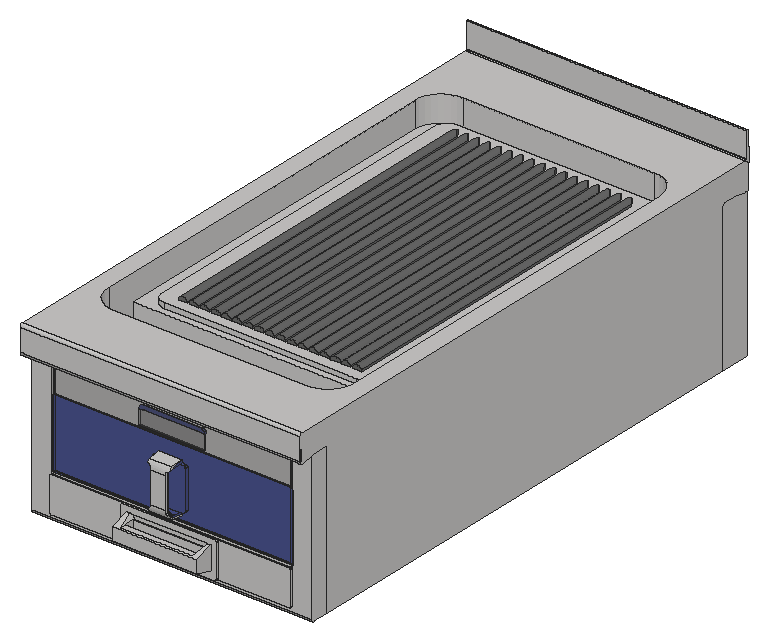
Revit family "QF_ELECTROLUXPROFESSIONAL_588065_MAHNABDOAO", category Specialty Equipment, Revit 2018
Family settings
  Round Connector Dimension = Use Diameter
  Part Type = Normal
  Work Plane-Based = No
  Always vertical = Yes
  Cut with Voids When Loaded = No
  Shared = No
  Room Calculation Point = No
Parameters
  Weight in Pounds = 152.1  # constant formula
  Watts = 5100 VA  # 5100 W
  Volts = 400 V  # constant formula
  URL Cutsheet = ""
  Type Mark [instance] = ""
  Status [instance] = ""
  Specification by User [instance] = ""
  Specification by Manufacturer = ""
  Show Clearance [instance] = yes
  Serial Number = ""
  Seismic Rating = ""
  SMACNA No = ""
  Revision Code [instance] = ""
  Phase = 3  # constant formula
  Omniclass Number and Title = ""
  Number of Poles [instance] = 1
  NAFEM Spec ID Number = ""
  Model = "588065"
  Min Ckt Ampacity = 0 A
  Max Overcurrent Protection = 0 A
  Masterspec = ""
  Manufacturer = "ELECTROLUX"
  Item Number [instance] = ""
  Installed By [instance] = ""
  Identify Quantity as Lot [instance] = yes
  HP = "6.8 HP"
  Furnished By [instance] = ""
  Foodservice Equipment Identifier [instance] = yes
  FL Amps [instance] = if(Phase = 3, Watts / (Volts * 1.73), Watts / Volts)  # 7.36994 A
  Electrical Remarks = "400 V/3N ph/50/60 Hz"  # constant formula
  Electric Connection Type [instance] = ""
  Elec Conn RI Height [instance] = 0 mm
  Elec Conn Connection Height [instance] = 0 mm
  Direct Waste Size = 0"
  Description = "EL.FRYTOP,RIBBED PL,1S,BSPL,400X800X250"
  Cycle [instance] = if([60 Hertz Option], 60 Hz, 50 Hz)  # 60 Hz
  Conn Plug = ""
  Conn Conduit = yes
  CSI MasterFormat = ""
  CSI Master Format = ""
  Apparent Power [instance] = if(Phase = 3, Volts * FL Amps * 1.73, Volts * FL Amps)  # 5100 VA
  60 Hertz Option [instance] = not([50 Hertz Option])  # yes
  50 Hertz Option [instance] = no
Reference planes
  plane 1 "BACK": y = -100
  plane 2: z = 0
  plane 3 "LEFT": x = 0
  plane 4 "RIGHT": x = 400
  plane 5 "FRONT": y = -900
  plane 6 "TOP": z = 250
  plane 7: x = 200
  plane 8: y = -500
  plane 9: y = -1330
Forms (mm)
  Extrusion 1, solid, material "QF_Finishes_Stainless Steel"
    sketch origin (0, -487.128, 0) x (0, 1, 0) y (0, 0, 1)
      loop
        line (383.128, 250) -> (-408.872, 250)
        arc (-408.872, 250) -> (-411.7, 248.828) -> (-412.872, 246) r 4
        line (-412.872, 246) -> (-412.872, 214)
        arc (-412.872, 214) -> (-411.443, 210.936) -> (-408.177, 210.061) r 4
        line (-408.177, 210.061) -> (-391.509, 213) -> (-366.872, 213) -> (-366.872, 0) -> (341.128, 0) -> (341.128, 213) -> (365.765, 213) -> (382.433, 210.061)
        arc (382.433, 210.061) -> (385.699, 210.936) -> (387.128, 214) r 4
        line (387.128, 214) -> (387.128, 246)
        arc (387.128, 246) -> (385.956, 248.828) -> (383.128, 250) r 4
    from 0 to 400
  Extrusion 2, void
    sketch origin (653.786, -55.952, 250) x (1, 0, 0) y (0, -1, 0)
      loop
        line (-590.636, 133.048) -> (-316.936, 133.048)
        arc (-316.936, 133.048) -> (-289.96, 144.222) -> (-278.786, 171.198) r 38.15
        line (-278.786, 171.198) -> (-278.786, 716.572)
        arc (-278.786, 716.572) -> (-290.056, 743.779) -> (-317.263, 755.048) r 38.476
        line (-317.263, 755.048) -> (-591.786, 755.048)
        arc (-591.786, 755.048) -> (-617.949, 744.211) -> (-628.786, 718.048) r 37
        line (-628.786, 718.048) -> (-628.786, 171.198)
        arc (-628.786, 171.198) -> (-617.613, 144.222) -> (-590.636, 133.048) r 38.15
    from 0 to 37
  Extrusion 3, void
    sketch origin (1307.573, -7.904, 213) x (0, 1, 0) y (1, 0, 0)
      loop
        line (-721.846, -932.573) -> (-764.62, -932.573)
        arc (-764.62, -932.573) -> (-791.827, -943.842) -> (-803.096, -971.049) r 38.476
        line (-803.096, -971.049) -> (-803.096, -1245.573)
        arc (-803.096, -1245.573) -> (-792.259, -1271.736) -> (-766.096, -1282.573) r 37
        line (-766.096, -1282.573) -> (-721.846, -1282.573) -> (-721.846, -932.573)
    from 0 to 25.6
  Extrusion 4, void
    sketch origin (1307.573, -7.904, 187.4) x (-1, 0, 0) y (0, 1, 0)
      loop
        circle (1212.573, -762.096) r 22.248
    from 0 to 92
  Extrusion 5, solid, material "QF_Finishes_Stainless Steel"
    sketch origin (0, -854, 0) x (1, 0, 0) y (0, -1, 0)
      loop
        circle (355, -169) r 6.35
    from 0 to 3.2
  Extrusion 6, solid, material "QF_Door-Drawer Clearances", visible <- "Show Clearance", detail levels coarse
    sketch origin (237.31, -881.593, 8.62) x (0, 0, 1) y (-1, 0, 0)
      loop
        line (1.973, -134.295) -> (49.317, -134.295)
        arc (49.317, -134.295) -> (50.776, -133.691) -> (51.38, -132.232) r 2.063
        line (51.38, -132.232) -> (51.38, 206.852)
        arc (51.38, 206.852) -> (50.88, 208.549) -> (49.541, 209.705) r 3.133
        line (49.541, 209.705) -> (3.067, 209.705)
        arc (3.067, 209.705) -> (0.898, 208.807) -> (0, 206.638) r 3.067
        line (0, 206.638) -> (0, -132.322)
        arc (0, -132.322) -> (0.578, -133.717) -> (1.973, -134.295) r 1.973
    from 0 to 448.407
  Extrusion 7, solid, material "QF_Finishes_Stainless Steel"
    sketch origin (0, 0, 0) x (0, 1, 0) y (0, 0, 1)
      loop
        line (-102.951, 2) -> (-102.951, 210.133)
        arc (-102.951, 210.133) -> (-103.795, 210.009) -> (-104.646, 210.066) r 4
        line (-104.646, 210.066) -> (-121.287, 213) -> (-145, 213) -> (-145, 0) -> (-104.951, 0)
        arc (-104.951, 0) -> (-103.537, 0.586) -> (-102.951, 2) r 2
      loop
        arc (-101.951, 252.006) -> (-102.537, 250.592) -> (-103.951, 250.006) r 2
        arc (-103.951, 250.006) -> (-101.172, 248.828) -> (-100, 246) r 4
        line (-100, 246) -> (-100, 288.006) -> (-101.951, 288.006) -> (-101.951, 252.006)
    from 400 to 0
Cuts and joins
  Extrusion 2, Extrusion 3, Extrusion 4 cuts Extrusion 1
Lines and regions (mm)
  symbolic lines
    curve 1: line (183.666, -902.326, 0) -> (183.666, -900, 0)
    curve 2: spline (189.334, -903.73, 0) -> (188.856, -903.657, 0) -> (188.378, -903.575, 0) -> (187.901, -903.486, 0) -> (187.425, -903.389, 0) -> (186.95, -903.283, 0) -> (186.476, -903.17, 0) -> (186.004, -903.049, 0) -> (185.533, -902.92, 0) -> (185.064, -902.783, 0) -> (184.596, -902.638, 0) -> (184.13, -902.486, 0) -> (183.666, -902.326, 0)
    curve 3: line (215.881, -902.326, 0) -> (215.881, -900, 0)
    curve 4: spline (215.881, -902.326, 0) -> (215.417, -902.486, 0) -> (214.951, -902.638, 0) -> (214.483, -902.783, 0) -> (214.014, -902.92, 0) -> (213.543, -903.049, 0) -> (213.071, -903.17, 0) -> (212.597, -903.283, 0) -> (212.122, -903.389, 0) -> (211.646, -903.486, 0) -> (211.169, -903.575, 0) -> (210.691, -903.657, 0) -> (210.213, -903.73, 0)
    curve 5: line (189.334, -903.73, 0) -> (210.213, -903.73, 0)
    curve 6: line (25, -774, 0) -> (25, -227.15, 0)
    curve 7: arc (25, -227.15, 0) -> (36.174, -200.174, 0) -> (63.15, -189, 0) r 38.15
    curve 8: line (63.15, -189, 0) -> (336.85, -189, 0)
    curve 9: arc (336.85, -189, 0) -> (363.826, -200.174, 0) -> (375, -227.15, 0) r 38.15
    curve 10: line (375, -227.15, 0) -> (375, -772.524, 0)
    curve 11: arc (375, -772.524, 0) -> (363.731, -799.731, 0) -> (336.524, -811, 0) r 38.476
    curve 12: line (336.524, -811, 0) -> (62, -811, 0)
    curve 13: arc (62, -811, 0) -> (35.837, -800.163, 0) -> (25, -774, 0) r 37
    curve 14: line (375, -729.75, 0) -> (25, -729.75, 0)
    curve 15: circle (95, -770, 0) r 22.248 normal (0, 0, -1)
    curve 16: line (0, -100, 0) -> (400, -100, 0)
    curve 17: line (0, -900, 0) -> (0, -100, 0)
    curve 18: line (400, -900, 0) -> (0, -900, 0)
    curve 19: line (400, -100, 0) -> (400, -900, 0)
    curve 20: line (147.608, -908.767, 0) -> (250.042, -908.767, 0)
    curve 21: line (250.042, -908.767, 0) -> (251.588, -900, 0)
    curve 22: line (147.608, -908.767, 0) -> (146.062, -900, 0)
  symbolic lines, style "QF_Door-Drawer Clearances"
    curve 23: line (27.605, -1330, 0) -> (27.605, -900, 0)
    curve 24: line (27.605, -1330, 0) -> (371.605, -1330, 0)
    curve 25: line (371.605, -1330, 0) -> (371.605, -900, 0)
  symbolic lines, style "SpecialityEquipment"
    curve 26: arc (355, -217.313, 0) -> (349.684, -204.479, 0) -> (336.85, -199.163, 0) r 18.15
    curve 27: line (336.85, -199.163, 0) -> (63.15, -199.163, 0)
    curve 28: arc (63.15, -199.163, 0) -> (50.316, -204.479, 0) -> (45, -217.313, 0) r 18.15
    curve 29: line (45, -217.313, 0) -> (45, -701.437, 0)
    curve 30: arc (45, -701.437, 0) -> (50.316, -714.271, 0) -> (63.15, -719.587, 0) r 18.15
    curve 31: line (63.15, -719.587, 0) -> (336.85, -719.587, 0)
    curve 32: arc (336.85, -719.587, 0) -> (349.684, -714.271, 0) -> (355, -701.437, 0) r 18.15
    curve 33: line (355, -701.437, 0) -> (355, -217.313, 0)
Dimensions and locks
  plane 3 "LEFT" to plane 4 "RIGHT" = 400 mm
  plane 5 "FRONT" to plane 1 "BACK" = 800 mm
  equal spacing: plane 3 "LEFT", plane 7, plane 4 "RIGHT"
  equal spacing: plane 5 "FRONT", plane 8, plane 1 "BACK"
  plane 6 "TOP" to level = 250 mm  (x2)
  plane 1 "BACK" to plane 5 "FRONT" = 800 mm
  Extrusion 5 sketch curve to plane 1 "BACK" = 585 mm
  Extrusion 5 sketch curve to plane 4 "RIGHT" = 45 mm
  plane 5 "FRONT" to plane 9 = 430 mm
  Extrusion 7 to plane 6 "TOP" = 38.006 mm
  Extrusion 7 to level = 288.006 mm
  plane 1 "BACK" to Extrusion 5 = 585 mm
  aligned and locked: level to plane 2
  aligned and locked: plane 7 to nested 1
  aligned and locked: Extrusion 6 to plane 9
  aligned and locked: Extrusion 7 to plane 4 "RIGHT"
Automatic sketch dimensions
  Extrusion 1 to Extrusion 2 sketch curve = 85 mm  (x2)
  Extrusion 1 to Extrusion 2 sketch curve = 122 mm
  Extrusion 1 to Extrusion 2 sketch curve = 25 mm
  Extrusion 2 sketch curve to Extrusion 2 sketch curve = 38.15 mm  (x2)
  Extrusion 1 to Extrusion 2 sketch curve = 123.476 mm
  Extrusion 2 sketch curve to Extrusion 2 sketch curve = 274.524 mm
  Extrusion 1 sketch curve to plane 5 "FRONT" = 0 mm
  Extrusion 1 sketch curve to plane 6 "TOP" = 0 mm
  Extrusion 1 sketch curve to level = 0 mm
  Extrusion 1 sketch curve to plane 1 "BACK" = 0 mm
  Extrusion 1 sketch curve to plane 6 "TOP" = 37 mm  (x2)
  Extrusion 1 sketch curve to plane 5 "FRONT" = 4 mm
  Extrusion 1 sketch curve to plane 5 "FRONT" = 21.363 mm
  Extrusion 1 sketch curve to plane 5 "FRONT" = 46 mm
  plane 1 "BACK" to Extrusion 1 sketch curve = 21.363 mm
  plane 1 "BACK" to Extrusion 1 sketch curve = 4 mm  (x2)
  Extrusion 1 sketch curve to Extrusion 1 sketch curve = 4 mm
  Extrusion 1 sketch curve to Extrusion 1 sketch curve = 0.695 mm
  Extrusion 1 sketch curve to Extrusion 1 sketch curve = 0 mm  (x4)
  plane 1 "BACK" to Extrusion 1 sketch curve = 4.695 mm
  Extrusion 1 sketch curve to Extrusion 1 sketch curve = 1 mm  (x2)
  plane 1 "BACK" to Extrusion 1 sketch curve = 46 mm
  Extrusion 3 sketch curve to Extrusion 2 = 81.25 mm
  Extrusion 2 to Extrusion 3 sketch curve = 0 mm  (x2)
  Extrusion 3 sketch curve to Extrusion 3 sketch curve = 37 mm
  Extrusion 3 sketch curve to Extrusion 3 sketch curve = 274.524 mm
  Extrusion 3 sketch curve to Extrusion 2 = 38.476 mm
  Extrusion 4 sketch curve to Extrusion 3 = 41 mm
  Extrusion 4 sketch curve to Extrusion 3 = 70 mm
  Extrusion 6 sketch curve to nested 1 = 1.973 mm
  Extrusion 6 sketch curve to nested 1 = 2.853 mm
  Extrusion 6 sketch curve to nested 1 = 1.839 mm
  plane 1 "BACK" to curve 16 = 0 mm
  curve 16 to plane 4 "RIGHT" = 0 mm
  curve 23 to plane 9 = 0 mm
  curve 17 to plane 3 "LEFT" = 0 mm
  plane 5 "FRONT" to curve 25 = 0 mm
  plane 4 "RIGHT" to curve 10 = 25 mm
  curve 10 to curve 8 = 38.15 mm
  curve 11 to curve 12 = 38.476 mm
  plane 5 "FRONT" to curve 21 = 8.767 mm
  plane 5 "FRONT" to curve 3 = 2.326 mm
  plane 7 to curve 3 = 15.881 mm
  plane 5 "FRONT" to curve 5 = 3.73 mm
  curve 3 to curve 5 = 5.669 mm
  curve 5 to curve 22 = 62.605 mm
  curve 5 to curve 20 = 41.727 mm
  plane 5 "FRONT" to curve 1 = 2.326 mm
  curve 2 to curve 1 = 5.669 mm
  plane 3 "LEFT" to curve 8 = 63.15 mm
  plane 3 "LEFT" to curve 12 = 62 mm
  plane 3 "LEFT" to curve 23 = 27.605 mm
  plane 3 "LEFT" to curve 6 = 25 mm
  plane 4 "RIGHT" to curve 25 = 28.395 mm
  plane 5 "FRONT" to curve 4 = 4.032 mm
  curve 5 to curve 4 = 4.17 mm
  curve 4 to curve 22 = 59.98 mm
  curve 4 to curve 2 = 12.538 mm
  curve 15 to curve 13 = 33 mm
  plane 1 "BACK" to curve 8 = 89 mm
  curve 10 to plane 5 "FRONT" = 127.476 mm
  curve 14 to curve 13 = 44.25 mm
  curve 15 to curve 13 = 4 mm
  curve 2 to curve 4 = 0 mm
  Extrusion 7 sketch curve to level = 0 mm
  Extrusion 7 sketch curve to plane 1 "BACK" = 0 mm  (x2)
  level to Extrusion 7 sketch curve = 2 mm
  Extrusion 7 sketch curve to plane 6 "TOP" = 0 mm
  plane 1 "BACK" to Extrusion 7 sketch curve = 1.951 mm
  plane 1 "BACK" to Extrusion 7 sketch curve = 2.951 mm
  Extrusion 7 sketch curve to Extrusion 7 sketch curve = 18.335 mm
  Extrusion 7 sketch curve to Extrusion 7 sketch curve = 40.049 mm
  Extrusion 7 sketch curve to Extrusion 7 sketch curve = 1.695 mm
  Extrusion 7 sketch curve to Extrusion 7 sketch curve = 0 mm  (x3)
  plane 1 "BACK" to Extrusion 7 sketch curve = 4 mm
  plane 1 "BACK" to Extrusion 7 sketch curve = 3.951 mm
  Extrusion 7 sketch curve to Extrusion 7 sketch curve = 2 mm
  Extrusion 7 sketch curve to Extrusion 7 sketch curve = 35.867 mm
  Extrusion 7 sketch curve to plane 6 "TOP" = 37 mm
  plane 6 "TOP" to Extrusion 7 sketch curve = 2.006 mm
  Extrusion 7 sketch curve to Extrusion 7 sketch curve = 36 mm
  Extrusion 7 sketch curve to Extrusion 7 sketch curve = 0.066 mm
  plane 4 "RIGHT" to curve 33 = 45 mm
  plane 3 "LEFT" to curve 27 = 63.15 mm
  plane 1 "BACK" to curve 27 = 99.163 mm
  curve 27 to curve 8 = 0 mm
  curve 32 to curve 31 = 18.15 mm
  curve 31 to curve 14 = 38.15 mm
  curve 28 to curve 29 = 18.15 mm
  curve 29 to curve 14 = 28.313 mm
  plane 7 to curve 20 = 50.042 mm
  curve 21 to curve 20 = 1.546 mm
  radius of Extrusion 4 sketch curve = 22.248 mm
  radius of Extrusion 5 sketch curve = 6.35 mm
  radius of Extrusion 6 sketch curve to nested 1 = 0 mm  (x2)
  radius of curve 15 = 22.248 mm
Nested families
  nested 1: "EG_800_400 Front Panel with Center Grease Trap" at (202.376, -854, -650), type "EG_800_400 Front Panel with Center Grease Trap"
  nested 2: "EG_800_400 mm Full Grate" at (200, -509.375, -675), type "EG_800_400 mm Full Grate"
Connectors
  electrical at (355, -685, -3.2), driven by "Volts", driven by "Watts"
    settings: on Extrusion 5, index 1, voltage 400 V, apparent load 5100 VA, apparent load phase1 0 VA, apparent load phase2 0 VA, apparent load phase3 0 VA, power factor 1, load classification "Other", number of poles 1, system type 30, power factor state 1, is connector primary yes, connector utility no, sub classification motor no, connector description "ELECTRICAL CONNECTION"
Definition of nested family "EG_800_400 Front Panel with Center Grease Trap"
  Reference planes
    plane 1 "Center (Front/Back)": y = 0
    plane 2: z = 0
    plane 3 "Center (Left/Right)": x = -2.376
    plane 4: x = -202.376
    plane 5: x = 197.624
  Forms (mm)
    Extrusion 1, solid
      sketch origin (833.217, 829.203, -1.25) x (0, 1, 0) y (0, 0, 1)
        loop
          arc (-854.203, 654.25) -> (-853.324, 652.129) -> (-851.203, 651.25) r 3
          line (-851.203, 651.25) -> (-829.203, 651.25) -> (-829.203, 864.25) -> (-854.203, 864.25) -> (-854.203, 654.25)
      from -1035.593 to -635.593
    Extrusion 2, void
      sketch origin (33.217, 829.203, -1.25) x (1, 0, 0) y (0, 0, 1)
        loop
          line (-207.593, 855.116) -> (-207.593, 713.116) -> (136.407, 713.116) -> (136.407, 855.116) -> (-207.593, 855.116)
      from 848.59 to 854.203
  Cuts and joins
    Extrusion 2 cuts Extrusion 1
  Dimensions and locks
    equal spacing: plane 5, plane 3 "Center (Left/Right)", plane 4
    plane 5 to plane 4 = 400 mm
    aligned and locked: cut or joined group of Extrusion 1, Extrusion 2 to plane 4
    aligned and locked: plane 5 to cut or joined group of Extrusion 1, Extrusion 2
    aligned and locked: plane 3 "Center (Left/Right)" to nested 2
    aligned and locked: cut or joined group of Extrusion 1, Extrusion 2 to nested 2
    aligned and locked: plane 3 "Center (Left/Right)" to nested 1
    aligned and locked: plane 3 "Center (Left/Right)" to nested 3
  Automatic sketch dimensions
    Extrusion 1 sketch curve to plane 1 "Center (Front/Back)" = 0 mm
    plane 1 "Center (Front/Back)" to Extrusion 1 sketch curve = 22 mm
    Extrusion 1 sketch curve to Extrusion 1 sketch curve = 3 mm
    level to Extrusion 1 sketch curve = 650 mm
    Extrusion 1 sketch curve to Extrusion 1 sketch curve = 210 mm
    plane 4 to Extrusion 2 sketch curve = 28 mm
    Extrusion 2 sketch curve to plane 5 = 28 mm
    level to Extrusion 2 sketch curve = 711.866 mm
    Extrusion 2 sketch curve to Extrusion 2 sketch curve = 142 mm
  Nested families
    nested 1: "Range Control Handle" at (-2.376, -28.137, -209.113) x (-1, 0, 0) z (0, 0, 1), type "Range Control Handle"
    nested 2: "glass conrol panel" at (-2.376, 280.644, 2.752), type "glass conrol panel"
    nested 3: "grease trap door" at (65.223, -25, 0.608) x (-1, 0, 0) z (0, 0, 1), type "grease trap door"
  Definition of nested family "Range Control Handle"
    Reference planes
      plane 1 "Center (Front/Back)": y = 0
      plane 2: z = 0
      plane 3 "Center (Left/Right)": x = 0
      plane 4: z = 971.092
    Forms (mm)
      Extrusion 1, solid
        sketch origin (-746.28, 380.497, 208.931) x (-1, 0, 0) y (0, 0, 1)
          loop
            line (-770.101, 786.798) -> (-770.101, 731.649)
            arc (-770.101, 731.649) -> (-769.759, 730.563) -> (-768.855, 729.87) r 1.893
            line (-768.855, 729.87) -> (-763.474, 727.911) -> (-729.81, 727.911) -> (-724.428, 729.87)
            arc (-724.428, 729.87) -> (-723.525, 730.563) -> (-723.183, 731.649) r 1.893
            line (-723.183, 731.649) -> (-723.183, 786.798)
            arc (-723.183, 786.798) -> (-723.529, 787.894) -> (-724.44, 788.593) r 1.91
            line (-724.44, 788.593) -> (-729.683, 790.819) -> (-763.601, 790.819) -> (-768.844, 788.593)
            arc (-768.844, 788.593) -> (-769.755, 787.894) -> (-770.101, 786.798) r 1.91
        from -382.35 to -378.852
      Sweep 2, solid
        path origin (-746.788, 380.496, 208.091) x (0, -1, 0) y (0, 0, 1)
          loop
            line (379.775, 793.281) -> (395.661, 791.048)
            arc (395.661, 791.048) -> (397.781, 787.377) -> (398.517, 783.202) r 12.207
            line (398.517, 783.202) -> (398.517, 737.368)
            arc (398.517, 737.368) -> (397.781, 733.193) -> (395.661, 729.522) r 12.207
            line (395.661, 729.522) -> (379.775, 727.289)
        profile origin (-746.788, -7.222, 1000.256) x (0, -0.139173, 0.990268) y (-1, 0, 0)
          loop
            line (0.782, -763.123) -> (0.782, -730.907) -> (-1.322, -730.907) -> (-1.322, -763.123) -> (0.782, -763.123)
      Sweep 3, solid
        path origin (-746.788, 380.715, 207.832) x (0, -1, 0) y (0, 0, 1)
          loop
            line (380.478, 795.442) -> (397.218, 793.09)
            arc (397.218, 793.09) -> (399.929, 788.473) -> (400.871, 783.202) r 15.207
            line (400.871, 783.202) -> (400.871, 737.584)
            arc (400.871, 737.584) -> (399.914, 732.274) -> (397.164, 727.633) r 15.207
            line (397.164, 727.633) -> (380.601, 725.305)
        profile origin (-746.788, -8.132, 1002.099) x (0, -0.139173, 0.990268) y (-1, 0, 0)
          loop
            line (0.782, -763.123) -> (0.782, -730.907) -> (-1.322, -730.907) -> (-1.322, -763.123) -> (0.782, -763.123)
      Extrusion 4, void
        sketch origin (889.253, 220.666, 207.993) x (1, 0, 0) y (0, 0, 1)
          loop
            line (-943.038, 816.854) -> (-943.038, 703.686) -> (-899.466, 734.196) -> (-899.466, 786.344) -> (-943.038, 816.854)
        from 230.636 to 242.25
      Extrusion 5, void
        sketch origin (-888.8, 220.666, 207.993) x (-1, 0, 0) y (0, 0, -1)
          loop
            line (-943.038, -816.854) -> (-899.466, -786.344) -> (-899.466, -734.196) -> (-943.038, -703.686) -> (-943.038, -816.854)
        from 230.636 to 242.25
      Extrusion 6, solid
        sketch origin (0, 0, 0) x (1, 0, 0) y (0, 0, 1)
          loop
            circle (0, 971.092) r 7.736
        from -3.137 to -1.645
    Cuts and joins
      Extrusion 4, Extrusion 5 cuts Sweep 3
      Extrusion 4, Extrusion 5 cuts Sweep 2
      joined: Extrusion 1, Extrusion 6
    Lines and regions (mm)
      symbolic lines
        curve 1: line (23.821, 1.645, 0) -> (-23.097, 1.645, 0)
        curve 2: line (16.334, -1.853, 0) -> (23.821, -1.853, 0)
        curve 3: line (-15.881, -19.189, 0) -> (-15.881, -1.853, 0)
        curve 4: line (-23.097, -1.853, 0) -> (-15.881, -1.853, 0)
        curve 5: line (16.334, -19.189, 0) -> (16.334, -1.853, 0)
        curve 6: spline (-15.881, -19.189, 0) -> (-15.417, -19.349, 0) -> (-14.951, -19.501, 0) -> (-14.483, -19.646, 0) -> (-14.014, -19.783, 0) -> (-13.543, -19.912, 0) -> (-13.071, -20.033, 0) -> (-12.597, -20.146, 0) -> (-12.122, -20.251, 0) -> (-11.646, -20.349, 0) -> (-11.169, -20.438, 0) -> (-10.691, -20.52, 0) -> (-10.213, -20.593, 0)
        curve 7: spline (10.666, -20.593, 0) -> (11.144, -20.52, 0) -> (11.622, -20.438, 0) -> (12.099, -20.349, 0) -> (12.575, -20.251, 0) -> (13.05, -20.146, 0) -> (13.524, -20.033, 0) -> (13.996, -19.912, 0) -> (14.467, -19.783, 0) -> (14.936, -19.646, 0) -> (15.404, -19.501, 0) -> (15.87, -19.349, 0) -> (16.334, -19.189, 0)
        curve 8: line (-10.213, -20.938, 0) -> (10.716, -20.938, 0)
        curve 9: line (-23.097, 1.645, 0) -> (-23.097, -1.853, 0)
        curve 10: line (23.821, 1.645, 0) -> (23.821, -1.853, 0)
  Definition of nested family "glass conrol panel"
    Reference planes
      plane 1 "Center (Front/Back)": y = 0
      plane 2: z = 0
      plane 3 "Center (Left/Right)": x = 0
    Forms (mm)
      Extrusion 1, solid
        sketch origin (378.286, 0, 0.617) x (1, 0, 0) y (0, 0, 1)
          loop
            line (-550.286, 806.791) -> (-550.286, 708.497) -> (-206.286, 708.497) -> (-206.286, 806.791) -> (-550.286, 806.791)
        from 300.031 to 304.8
      Extrusion 2, solid
        sketch origin (378.286, 0, 0.617) x (1, 0, 0) y (0, 0, 1)
          loop
            line (-550.286, 850.497) -> (-550.286, 806.791) -> (-206.286, 806.791) -> (-206.286, 850.497) -> (-550.286, 850.497)
        from 300.031 to 304.8
      Extrusion 3, void
        sketch origin (378.286, 0, 0.617) x (1, 0, 0) y (0, 0, 1)
          loop
            line (-547.628, 847.565) -> (-547.628, 710.699) -> (-209.196, 710.699) -> (-209.196, 847.565) -> (-547.628, 847.565)
        from 303.697 to 304.8
      Extrusion 4, solid
        sketch origin (-308.309, 1.101, -0.633) x (-1, 0, 0) y (0, 0, -1)
          loop
            line (-261.431, -812.62) -> (-355.186, -812.62) -> (-355.186, -834.177) -> (-350.269, -834.177) -> (-348.469, -835.977) -> (-268.039, -835.977) -> (-266.24, -834.177) -> (-261.431, -834.177) -> (-261.431, -812.62)
        from 304.798 to 306.745
      Extrusion 5, solid
        sketch origin (-308.309, 1.101, -0.633) x (-1, 0, 0) y (0, 0, -1)
          loop
            line (-350.269, -834.177) -> (-355.078, -834.177)
            arc (-355.078, -834.177) -> (-353.942, -838.747) -> (-349.686, -840.763) r 5.5
            line (-349.686, -840.763) -> (-266.98, -840.763)
            arc (-266.98, -840.763) -> (-262.706, -838.752) -> (-261.529, -834.177) r 5.549
            line (-261.529, -834.177) -> (-266.24, -834.177) -> (-268.039, -835.977) -> (-348.469, -835.977) -> (-350.269, -834.177)
        from 304.798 to 306.745
    Cuts and joins
      Extrusion 3 cuts Extrusion 1
      Extrusion 3 cuts Extrusion 2
    Dimensions and locks
      aligned and locked: Extrusion 1 to Extrusion 2
      aligned and locked: Extrusion 5 sketch curve to Extrusion 4  (x5)
      aligned and locked: Extrusion 5 to Extrusion 4
  Definition of nested family "grease trap door"
    Reference planes
      plane 1 "Center (Front/Back)": y = 0
      plane 2: z = 0
      plane 3 "Center (Left/Right)": x = 0
    Forms (mm)
      Extrusion 1, solid
        sketch origin (1627.55, 854.203, -1.25) x (1, 0, 0) y (0, 0, 1)
          loop
            arc (-1627.55, 661.235) -> (-1626.972, 659.84) -> (-1625.577, 659.262) r 1.973
            line (-1625.577, 659.262) -> (-1494.325, 659.262)
            arc (-1494.325, 659.262) -> (-1492.156, 660.16) -> (-1491.258, 662.329) r 3.067
            line (-1491.258, 662.329) -> (-1491.258, 708.803)
            arc (-1491.258, 708.803) -> (-1492.414, 710.143) -> (-1494.111, 710.642) r 3.133
            line (-1494.111, 710.642) -> (-1625.486, 710.642)
            arc (-1625.486, 710.642) -> (-1626.945, 710.038) -> (-1627.55, 708.579) r 2.063
            line (-1627.55, 708.579) -> (-1627.55, 661.235)
        from 856.795 to 859.203
      Extrusion 2, solid
        sketch origin (445.874, 2476.61, 0) x (0, 1, 0) y (0, 0, 1)
          loop
            line (-2506.377, 675.273) -> (-2481.61, 667.505) -> (-2481.61, 700.995) -> (-2506.377, 693.227) -> (-2506.377, 675.273)
        from -437.68 to -317.68
      Extrusion 3, void
        sketch origin (1627.55, 854.203, -1.25) x (1, 0, 0) y (0, 0, 1)
          loop
            line (-1614.883, 703) -> (-1610.542, 695.433) -> (-1508.17, 695.433) -> (-1503.828, 703) -> (-1614.883, 703)
          loop
            line (-1614.883, 668) -> (-1502.669, 668) -> (-1507.01, 675.567) -> (-1610.542, 675.567) -> (-1614.883, 668)
        from 832.916 to 883.97
      Extrusion 4, void
        sketch origin (447.55, 854.203, -1.25) x (1, 0, 0) y (0, 0, 1)
          loop
            line (-430.542, 695.433) -> (-430.542, 675.567) -> (-328.17, 675.567) -> (-328.17, 695.433) -> (-430.542, 695.433)
        from 859.203 to 874.202
      Extrusion 5, solid
        sketch origin (1627.55, 854.203, -1.25) x (1, 0, 0) y (0, 0, 1)
          loop
            arc (-1731.556, 661.235) -> (-1730.978, 659.84) -> (-1729.583, 659.262) r 1.973
            line (-1729.583, 659.262) -> (-1390.623, 659.262)
            arc (-1390.623, 659.262) -> (-1388.454, 660.16) -> (-1387.556, 662.329) r 3.067
            line (-1387.556, 662.329) -> (-1387.556, 708.803)
            arc (-1387.556, 708.803) -> (-1388.712, 710.143) -> (-1390.409, 710.642) r 3.133
            line (-1390.409, 710.642) -> (-1729.493, 710.642)
            arc (-1729.493, 710.642) -> (-1730.952, 710.038) -> (-1731.556, 708.579) r 2.063
            line (-1731.556, 708.579) -> (-1731.556, 661.235)
        from 854.203 to 856.795
    Cuts and joins
      Extrusion 3 cuts Extrusion 1
      Extrusion 3, Extrusion 4 cuts Extrusion 2
      joined: Extrusion 1, Extrusion 2
    Lines and regions (mm)
      symbolic lines
        curve 1: line (0, -2.593, 0) -> (136.292, -2.593, 0)
        curve 2: line (17.557, -29.767, 0) -> (12.667, -2.593, 0)
        curve 3: line (17.557, -29.767, 0) -> (119.991, -29.767, 0)
        curve 4: line (119.991, -29.767, 0) -> (124.881, -2.593, 0)
        curve 5: line (68.146, -2.593, 0) -> (68.146, -29.767, 0)
      model lines
        curve 6: line (67.599, 0, 658.012) -> (67.599, 0, 709.392)
    Dimensions and locks
      aligned and locked: Extrusion 2 to Extrusion 1
      aligned and locked: Extrusion 3 to Extrusion 2
      aligned and locked: Extrusion 4 to Extrusion 1
Definition of nested family "EG_800_400 mm Full Grate"
  Parameters
    Length = 262 mm
    Array = Length / 15 mm  # 17
  Reference planes
    plane 1: z = 0
    plane 2 "Center (Left/Right)": x = 0
    plane 3: z = 900
    plane 4: z = 888
    plane 5: x = -175
    plane 6: x = 135
    plane 7: x = -151
    plane 8: x = 131
  Forms (mm)
    Extrusion 1, solid
      sketch origin (653.786, 467.26, 0) x (1, 0, 0) y (0, 1, 0)
        loop
          line (-808.786, -175.198) -> (-808.786, -660.472)
          arc (-808.786, -660.472) -> (-803.807, -672.493) -> (-791.786, -677.472) r 17
          line (-791.786, -677.472) -> (-516.936, -677.472)
          arc (-516.936, -677.472) -> (-504.102, -672.156) -> (-498.786, -659.322) r 18.15
          line (-498.786, -659.322) -> (-498.786, -175.198)
          arc (-498.786, -175.198) -> (-504.102, -162.364) -> (-516.936, -157.048) r 18.15
          line (-516.936, -157.048) -> (-790.636, -157.048)
          arc (-790.636, -157.048) -> (-803.47, -162.364) -> (-808.786, -175.198) r 18.15
      from 888 to 894.474
  Lines and regions (mm)
    symbolic lines
      curve 1: line (-131, 286.484, 0) -> (-124.5, 295.767, 0)
      curve 2: line (-124.5, 295.767, 0) -> (-118, 286.484, 0)
      curve 3: line (-118, -186.484, 0) -> (-118, 286.484, 0)
      curve 4: line (-131, 286.484, 0) -> (-131, -186.484, 0)
      curve 5: line (-124.5, -195.767, 0) -> (-131, -186.484, 0)
      curve 6: line (-118, -186.484, 0) -> (-124.5, -195.767, 0)
      curve 7: line (136.85, 310.212, 0) -> (-136.85, 310.212, 0)
      curve 8: arc (-136.85, 310.212, 0) -> (-149.684, 304.896, 0) -> (-155, 292.062, 0) r 18.15
      curve 9: line (-155, 292.062, 0) -> (-155, -193.212, 0)
      curve 10: arc (-155, -193.212, 0) -> (-150.021, -205.233, 0) -> (-138, -210.212, 0) r 17
      curve 11: line (-138, -210.212, 0) -> (136.85, -210.212, 0)
      curve 12: arc (136.85, -210.212, 0) -> (149.684, -204.896, 0) -> (155, -192.062, 0) r 18.15
      curve 13: line (155, -192.062, 0) -> (155, 292.062, 0)
      curve 14: arc (155, 292.062, 0) -> (149.684, 304.896, 0) -> (136.85, 310.212, 0) r 18.15
      curve 15: line (118, 286.484, 0) -> (124.5, 295.767, 0)
      curve 16: line (124.5, 295.767, 0) -> (131, 286.484, 0)
      curve 17: line (131, -186.484, 0) -> (131, 286.484, 0)
      curve 18: line (118, 286.484, 0) -> (118, -186.484, 0)
      curve 19: line (124.5, -195.767, 0) -> (118, -186.484, 0)
      curve 20: line (131, -186.484, 0) -> (124.5, -195.767, 0)
      curve 21: line (-115.438, 286.484, 0) -> (-108.938, 295.767, 0)
      curve 22: line (-108.938, 295.767, 0) -> (-102.438, 286.484, 0)
      curve 23: line (-102.438, -186.484, 0) -> (-102.438, 286.484, 0)
      curve 24: line (-115.438, 286.484, 0) -> (-115.438, -186.484, 0)
      curve 25: line (-108.938, -195.767, 0) -> (-115.438, -186.484, 0)
      curve 26: line (-102.438, -186.484, 0) -> (-108.938, -195.767, 0)
      curve 27: line (-99.875, 286.484, 0) -> (-93.375, 295.767, 0)
      curve 28: line (-93.375, 295.767, 0) -> (-86.875, 286.484, 0)
      curve 29: line (-86.875, -186.484, 0) -> (-86.875, 286.484, 0)
      curve 30: line (-99.875, 286.484, 0) -> (-99.875, -186.484, 0)
      curve 31: line (-93.375, -195.767, 0) -> (-99.875, -186.484, 0)
      curve 32: line (-86.875, -186.484, 0) -> (-93.375, -195.767, 0)
      curve 33: line (-84.313, 286.484, 0) -> (-77.813, 295.767, 0)
      curve 34: line (-77.813, 295.767, 0) -> (-71.313, 286.484, 0)
      curve 35: line (-71.313, -186.484, 0) -> (-71.313, 286.484, 0)
      curve 36: line (-84.313, 286.484, 0) -> (-84.313, -186.484, 0)
      curve 37: line (-77.813, -195.767, 0) -> (-84.313, -186.484, 0)
      curve 38: line (-71.313, -186.484, 0) -> (-77.813, -195.767, 0)
      curve 39: line (-68.75, 286.484, 0) -> (-62.25, 295.767, 0)
      curve 40: line (-62.25, 295.767, 0) -> (-55.75, 286.484, 0)
      curve 41: line (-55.75, -186.484, 0) -> (-55.75, 286.484, 0)
      curve 42: line (-68.75, 286.484, 0) -> (-68.75, -186.484, 0)
      curve 43: line (-62.25, -195.767, 0) -> (-68.75, -186.484, 0)
      curve 44: line (-55.75, -186.484, 0) -> (-62.25, -195.767, 0)
      curve 45: line (-53.188, 286.484, 0) -> (-46.688, 295.767, 0)
      curve 46: line (-46.688, 295.767, 0) -> (-40.188, 286.484, 0)
      curve 47: line (-40.188, -186.484, 0) -> (-40.188, 286.484, 0)
      curve 48: line (-53.188, 286.484, 0) -> (-53.188, -186.484, 0)
      curve 49: line (-46.688, -195.767, 0) -> (-53.188, -186.484, 0)
      curve 50: line (-40.188, -186.484, 0) -> (-46.688, -195.767, 0)
      curve 51: line (-37.625, 286.484, 0) -> (-31.125, 295.767, 0)
      curve 52: line (-31.125, 295.767, 0) -> (-24.625, 286.484, 0)
      curve 53: line (-24.625, -186.484, 0) -> (-24.625, 286.484, 0)
      curve 54: line (-37.625, 286.484, 0) -> (-37.625, -186.484, 0)
      curve 55: line (-31.125, -195.767, 0) -> (-37.625, -186.484, 0)
      curve 56: line (-24.625, -186.484, 0) -> (-31.125, -195.767, 0)
      curve 57: line (-22.063, 286.484, 0) -> (-15.563, 295.767, 0)
      curve 58: line (-15.563, 295.767, 0) -> (-9.063, 286.484, 0)
      curve 59: line (-9.063, -186.484, 0) -> (-9.063, 286.484, 0)
      curve 60: line (-22.063, 286.484, 0) -> (-22.063, -186.484, 0)
      curve 61: line (-15.563, -195.767, 0) -> (-22.063, -186.484, 0)
      curve 62: line (-9.063, -186.484, 0) -> (-15.563, -195.767, 0)
      curve 63: line (-6.5, 286.484, 0) -> (0, 295.767, 0)
      curve 64: line (0, 295.767, 0) -> (6.5, 286.484, 0)
      curve 65: line (6.5, -186.484, 0) -> (6.5, 286.484, 0)
      curve 66: line (-6.5, 286.484, 0) -> (-6.5, -186.484, 0)
      curve 67: line (0, -195.767, 0) -> (-6.5, -186.484, 0)
      curve 68: line (6.5, -186.484, 0) -> (0, -195.767, 0)
      curve 69: line (9.062, 286.484, 0) -> (15.562, 295.767, 0)
      curve 70: line (15.562, 295.767, 0) -> (22.062, 286.484, 0)
      curve 71: line (22.062, -186.484, 0) -> (22.062, 286.484, 0)
      curve 72: line (9.062, 286.484, 0) -> (9.062, -186.484, 0)
      curve 73: line (15.562, -195.767, 0) -> (9.062, -186.484, 0)
      curve 74: line (22.062, -186.484, 0) -> (15.562, -195.767, 0)
      curve 75: line (24.625, 286.484, 0) -> (31.125, 295.767, 0)
      curve 76: line (31.125, 295.767, 0) -> (37.625, 286.484, 0)
      curve 77: line (37.625, -186.484, 0) -> (37.625, 286.484, 0)
      curve 78: line (24.625, 286.484, 0) -> (24.625, -186.484, 0)
      curve 79: line (31.125, -195.767, 0) -> (24.625, -186.484, 0)
      curve 80: line (37.625, -186.484, 0) -> (31.125, -195.767, 0)
      curve 81: line (40.187, 286.484, 0) -> (46.687, 295.767, 0)
      curve 82: line (46.687, 295.767, 0) -> (53.188, 286.484, 0)
      curve 83: line (53.188, -186.484, 0) -> (53.188, 286.484, 0)
      curve 84: line (40.187, 286.484, 0) -> (40.187, -186.484, 0)
      curve 85: line (46.687, -195.767, 0) -> (40.187, -186.484, 0)
      curve 86: line (53.188, -186.484, 0) -> (46.687, -195.767, 0)
      curve 87: line (55.75, 286.484, 0) -> (62.25, 295.767, 0)
      curve 88: line (62.25, 295.767, 0) -> (68.75, 286.484, 0)
      curve 89: line (68.75, -186.484, 0) -> (68.75, 286.484, 0)
      curve 90: line (55.75, 286.484, 0) -> (55.75, -186.484, 0)
      curve 91: line (62.25, -195.767, 0) -> (55.75, -186.484, 0)
      curve 92: line (68.75, -186.484, 0) -> (62.25, -195.767, 0)
      curve 93: line (71.312, 286.484, 0) -> (77.812, 295.767, 0)
      curve 94: line (77.812, 295.767, 0) -> (84.313, 286.484, 0)
      curve 95: line (84.313, -186.484, 0) -> (84.313, 286.484, 0)
      curve 96: line (71.312, 286.484, 0) -> (71.312, -186.484, 0)
      curve 97: line (77.812, -195.767, 0) -> (71.312, -186.484, 0)
      curve 98: line (84.313, -186.484, 0) -> (77.812, -195.767, 0)
      curve 99: line (86.875, 286.484, 0) -> (93.375, 295.767, 0)
      curve 100: line (93.375, 295.767, 0) -> (99.875, 286.484, 0)
      curve 101: line (99.875, -186.484, 0) -> (99.875, 286.484, 0)
      curve 102: line (86.875, 286.484, 0) -> (86.875, -186.484, 0)
      curve 103: line (93.375, -195.767, 0) -> (86.875, -186.484, 0)
      curve 104: line (99.875, -186.484, 0) -> (93.375, -195.767, 0)
      curve 105: line (102.438, 286.484, 0) -> (108.938, 295.767, 0)
      curve 106: line (108.938, 295.767, 0) -> (115.438, 286.484, 0)
      curve 107: line (115.438, -186.484, 0) -> (115.438, 286.484, 0)
      curve 108: line (102.438, 286.484, 0) -> (102.438, -186.484, 0)
      curve 109: line (108.938, -195.767, 0) -> (102.438, -186.484, 0)
      curve 110: line (115.438, -186.484, 0) -> (108.938, -195.767, 0)
  Dimensions and locks
    plane 3 to level = 900 mm
    plane 3 to plane 4 = 12 mm
    plane 5 to plane 6 = 310 mm
    aligned and locked: Extrusion 1 to nested 1
  Nested families
    nested 1: "Grate for Griddle_800" at (-124.5, 0, 11.99), type "Grate for Griddle_800"
    nested 2: "Grate for Griddle_800" at (124.5, 0, 11.99), type "Grate for Griddle_800"
    nested 3: "Grate for Griddle_800" at (-108.938, 0, 11.99), type "Grate for Griddle_800"
    nested 4: "Grate for Griddle_800" at (-93.375, 0, 11.99), type "Grate for Griddle_800"
    nested 5: "Grate for Griddle_800" at (-77.813, 0, 11.99), type "Grate for Griddle_800"
    nested 6: "Grate for Griddle_800" at (-62.25, 0, 11.99), type "Grate for Griddle_800"
    nested 7: "Grate for Griddle_800" at (-46.688, 0, 11.99), type "Grate for Griddle_800"
    nested 8: "Grate for Griddle_800" at (-31.125, 0, 11.99), type "Grate for Griddle_800"
    nested 9: "Grate for Griddle_800" at (-15.563, 0, 11.99), type "Grate for Griddle_800"
    nested 10: "Grate for Griddle_800" at (0, 0, 11.99), type "Grate for Griddle_800"
    nested 11: "Grate for Griddle_800" at (15.562, 0, 11.99), type "Grate for Griddle_800"
    nested 12: "Grate for Griddle_800" at (31.125, 0, 11.99), type "Grate for Griddle_800"
    nested 13: "Grate for Griddle_800" at (46.687, 0, 11.99), type "Grate for Griddle_800"
    nested 14: "Grate for Griddle_800" at (62.25, 0, 11.99), type "Grate for Griddle_800"
    nested 15: "Grate for Griddle_800" at (77.812, 0, 11.99), type "Grate for Griddle_800"
    nested 16: "Grate for Griddle_800" at (93.375, 0, 11.99), type "Grate for Griddle_800"
    nested 17: "Grate for Griddle_800" at (108.938, 0, 11.99), type "Grate for Griddle_800"
  Definition of nested family "Grate for Griddle_800"
    Reference planes
      plane 1 "Center (Front/Back)": y = 0
      plane 2: z = 0
      plane 3 "Center (Left/Right)": x = 0
      plane 4: x = -5.214
      plane 5: x = 7.786
      plane 6: y = 294
      plane 7: y = -194
    Forms (mm)
      Extrusion 1, solid
        sketch origin (1322.686, 294, -6.066) x (1, 0, 0) y (0, 0, 1)
          loop
            line (-1316.186, 888.55) -> (-1316.186, 890.55)
            arc (-1316.186, 890.55) -> (-1322.686, 894.177) -> (-1329.186, 890.55) r 7.638
            line (-1329.186, 890.55) -> (-1329.186, 888.55) -> (-1316.186, 888.55)
        from 0 to 488
      Extrusion 2, void
        sketch origin (0, 0, 0) x (1, 0, 0) y (0, 1, 0)
          loop
            line (-1.237, 294) -> (-6.5, 294) -> (-6.5, 286.484) -> (-1.237, 294)
          loop
            line (1.237, 294) -> (6.5, 286.484) -> (6.5, 294) -> (1.237, 294)
          loop
            line (-1.237, -294) -> (-6.5, -286.484) -> (-6.5, -294) -> (-1.237, -294)
          loop
            line (1.237, -294) -> (6.5, -294) -> (6.5, -286.484) -> (1.237, -294)
        from 878.991 to 892.372
    Cuts and joins
      Extrusion 2 cuts Extrusion 1
    Lines and regions (mm)
      symbolic lines
        curve 1: line (6.5, -186.484, 0) -> (6.5, 286.484, 0)
        curve 2: line (6.5, -186.484, 0) -> (1.237, -194, 0)
        curve 3: line (-1.237, -194, 0) -> (-6.5, -186.484, 0)
        curve 4: line (-6.5, 286.484, 0) -> (-6.5, -186.484, 0)
        curve 5: line (-6.5, 286.484, 0) -> (-1.237, 294, 0)
        curve 6: line (1.237, 294, 0) -> (6.5, 286.484, 0)
    Dimensions and locks
      plane 6 to plane 7 = 488 mm
      aligned and locked: Extrusion 1 to plane 7
      aligned and locked: plane 6 to Extrusion 1
      aligned and locked: cut or joined group of Extrusion 1, Extrusion 2 to curve 1
      aligned and locked: curve 4 to cut or joined group of Extrusion 1, Extrusion 2
      aligned and locked: curve 5 to cut or joined group of Extrusion 1, Extrusion 2
      aligned and locked: curve 6 to cut or joined group of Extrusion 1, Extrusion 2
